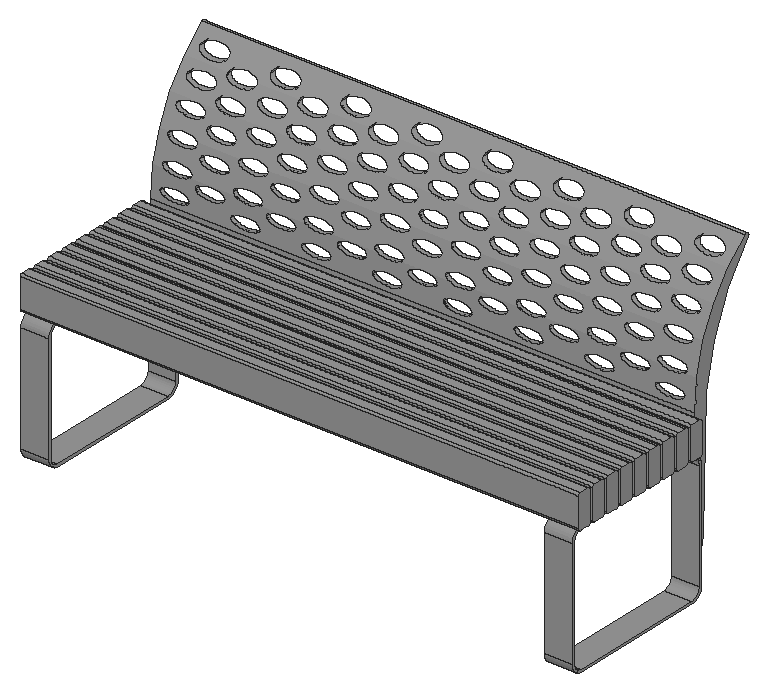
Revit family "Скамейка стальная «Галактика» Арт 14201", category Антураж, Revit 2018
Family settings
  На основе рабочей плоскости = Нет
  Всегда вертикально = Да
  При загрузке вырезать с полостями = Нет
  Источник визуального образа = Геометрия семейства
  Общий = Нет
  Точка расчета площади = Нет
Parameters (values of type "Скамейка стальная «Галактика»")
  Ширина = 610 mm  # constant formula
  Цвет лавки = Дерево
  Цвек опор = Сталь
  Описание = "Скамейка стальная «Галактика»"  # constant formula
  Материал изделия = "Сталь, дерево"  # constant formula
  Изображение типоразмера = Скамейка стальная «Галактика» Арт 14201.jpg
  Изготовитель = "ООО «Хоббика"  # constant formula
  Длина = 1500 mm  # constant formula
  Группа модели = "Садовые скамейки"  # constant formula
  Высота = 800 mm  # constant formula
  Артикул товара = "Арт 14201"  # constant formula
  URL = "https://hobbyka.ru/product/skameyka_galaktika/"
Reference planes
  plane 1 "По центру (Вперед/Назад)": y = 0
  plane 2: z = 0
  plane 3 "По центру (Влево/Вправо)": x = 0
  plane 4: x = 1500
  plane 5: y = 610
  plane 6: z = 800
Forms (mm)
  Extrusion 1, solid, material "Сталь" <- "Цвек опор"
    sketch origin (0, 0, 0) x (0, 1, 0) y (0, 0, 1)
      loop
        line (402.144, 350) -> (30, 350)
        arc (30, 350) -> (8.787, 341.213) -> (0, 320) r 30
        line (0, 320) -> (0, 30)
        arc (0, 30) -> (8.787, 8.787) -> (30, 0) r 30
        line (30, 0) -> (402.144, 0)
        arc (402.144, 0) -> (423.357, 8.787) -> (432.144, 30) r 30
        line (432.144, 30) -> (432.144, 320)
        arc (432.144, 320) -> (423.357, 341.213) -> (402.144, 350) r 30
      loop
        line (402.144, 345) -> (30, 345)
        arc (30, 345) -> (12.322, 337.678) -> (5, 320) r 25
        line (5, 320) -> (5, 30)
        arc (5, 30) -> (12.322, 12.322) -> (30, 5) r 25
        line (30, 5) -> (402.144, 5)
        arc (402.144, 5) -> (419.822, 12.322) -> (427.144, 30) r 25
        line (427.144, 30) -> (427.144, 320)
        arc (427.144, 320) -> (419.822, 337.678) -> (402.144, 345) r 25
    from 10 to 85
  Extrusion 2, solid, material "Сталь" <- "Цвек опор"
    sketch origin (0, 0, 0) x (0, 1, 0) y (0, 0, 1)
      loop
        line (402.144, 350) -> (30, 350)
        arc (30, 350) -> (8.787, 341.213) -> (0, 320) r 30
        line (0, 320) -> (0, 30)
        arc (0, 30) -> (8.787, 8.787) -> (30, 0) r 30
        line (30, 0) -> (402.144, 0)
        arc (402.144, 0) -> (423.357, 8.787) -> (432.144, 30) r 30
        line (432.144, 30) -> (432.144, 320)
        arc (432.144, 320) -> (423.357, 341.213) -> (402.144, 350) r 30
      loop
        line (402.144, 345) -> (30, 345)
        arc (30, 345) -> (12.322, 337.678) -> (5, 320) r 25
        line (5, 320) -> (5, 30)
        arc (5, 30) -> (12.322, 12.322) -> (30, 5) r 25
        line (30, 5) -> (402.144, 5)
        arc (402.144, 5) -> (419.822, 12.322) -> (427.144, 30) r 25
        line (427.144, 30) -> (427.144, 320)
        arc (427.144, 320) -> (419.822, 337.678) -> (402.144, 345) r 25
    from 1415 to 1490
  Extrusion 3, solid, material "Дерево" <- "Цвет лавки"
    sketch origin (0, 0, 0) x (0, 1, 0) y (0, 0, 1)
      loop
        arc (390, 440) -> (386.464, 438.536) -> (385, 435) r 5
        line (385, 435) -> (385, 355)
        arc (385, 355) -> (386.464, 351.464) -> (390, 350) r 5
        line (390, 350) -> (415, 350)
        arc (415, 350) -> (418.536, 351.464) -> (420, 355) r 5
        line (420, 355) -> (420, 435)
        arc (420, 435) -> (418.536, 438.536) -> (415, 440) r 5
        line (415, 440) -> (390, 440)
    from 0 to 1500
  Extrusion 4, solid, material "Дерево" <- "Цвет лавки"
    sketch origin (0, -375, 0) x (0, 1, 0) y (0, 0, 1)
      loop
        arc (390, 440) -> (386.464, 438.536) -> (385, 435) r 5
        line (385, 435) -> (385, 355)
        arc (385, 355) -> (386.464, 351.464) -> (390, 350) r 5
        line (390, 350) -> (415, 350)
        arc (415, 350) -> (418.536, 351.464) -> (420, 355) r 5
        line (420, 355) -> (420, 435)
        arc (420, 435) -> (418.536, 438.536) -> (415, 440) r 5
        line (415, 440) -> (390, 440)
    from 0 to 1500
  Extrusion 5, solid, material "Дерево" <- "Цвет лавки"
    sketch origin (0, -46.875, 0) x (0, 1, 0) y (0, 0, 1)
      loop
        arc (390, 440) -> (386.464, 438.536) -> (385, 435) r 5
        line (385, 435) -> (385, 355)
        arc (385, 355) -> (386.464, 351.464) -> (390, 350) r 5
        line (390, 350) -> (415, 350)
        arc (415, 350) -> (418.536, 351.464) -> (420, 355) r 5
        line (420, 355) -> (420, 435)
        arc (420, 435) -> (418.536, 438.536) -> (415, 440) r 5
        line (415, 440) -> (390, 440)
    from 0 to 1500
  Extrusion 6, solid, material "Дерево" <- "Цвет лавки"
    sketch origin (0, -93.75, 0) x (0, 1, 0) y (0, 0, 1)
      loop
        arc (390, 440) -> (386.464, 438.536) -> (385, 435) r 5
        line (385, 435) -> (385, 355)
        arc (385, 355) -> (386.464, 351.464) -> (390, 350) r 5
        line (390, 350) -> (415, 350)
        arc (415, 350) -> (418.536, 351.464) -> (420, 355) r 5
        line (420, 355) -> (420, 435)
        arc (420, 435) -> (418.536, 438.536) -> (415, 440) r 5
        line (415, 440) -> (390, 440)
    from 0 to 1500
  Extrusion 7, solid, material "Дерево" <- "Цвет лавки"
    sketch origin (0, -140.625, 0) x (0, 1, 0) y (0, 0, 1)
      loop
        arc (390, 440) -> (386.464, 438.536) -> (385, 435) r 5
        line (385, 435) -> (385, 355)
        arc (385, 355) -> (386.464, 351.464) -> (390, 350) r 5
        line (390, 350) -> (415, 350)
        arc (415, 350) -> (418.536, 351.464) -> (420, 355) r 5
        line (420, 355) -> (420, 435)
        arc (420, 435) -> (418.536, 438.536) -> (415, 440) r 5
        line (415, 440) -> (390, 440)
    from 0 to 1500
  Extrusion 8, solid, material "Дерево" <- "Цвет лавки"
    sketch origin (0, -187.5, 0) x (0, 1, 0) y (0, 0, 1)
      loop
        arc (390, 440) -> (386.464, 438.536) -> (385, 435) r 5
        line (385, 435) -> (385, 355)
        arc (385, 355) -> (386.464, 351.464) -> (390, 350) r 5
        line (390, 350) -> (415, 350)
        arc (415, 350) -> (418.536, 351.464) -> (420, 355) r 5
        line (420, 355) -> (420, 435)
        arc (420, 435) -> (418.536, 438.536) -> (415, 440) r 5
        line (415, 440) -> (390, 440)
    from 0 to 1500
  Extrusion 9, solid, material "Дерево" <- "Цвет лавки"
    sketch origin (0, -234.375, 0) x (0, 1, 0) y (0, 0, 1)
      loop
        arc (390, 440) -> (386.464, 438.536) -> (385, 435) r 5
        line (385, 435) -> (385, 355)
        arc (385, 355) -> (386.464, 351.464) -> (390, 350) r 5
        line (390, 350) -> (415, 350)
        arc (415, 350) -> (418.536, 351.464) -> (420, 355) r 5
        line (420, 355) -> (420, 435)
        arc (420, 435) -> (418.536, 438.536) -> (415, 440) r 5
        line (415, 440) -> (390, 440)
    from 0 to 1500
  Extrusion 10, solid, material "Дерево" <- "Цвет лавки"
    sketch origin (0, -281.25, 0) x (0, 1, 0) y (0, 0, 1)
      loop
        arc (390, 440) -> (386.464, 438.536) -> (385, 435) r 5
        line (385, 435) -> (385, 355)
        arc (385, 355) -> (386.464, 351.464) -> (390, 350) r 5
        line (390, 350) -> (415, 350)
        arc (415, 350) -> (418.536, 351.464) -> (420, 355) r 5
        line (420, 355) -> (420, 435)
        arc (420, 435) -> (418.536, 438.536) -> (415, 440) r 5
        line (415, 440) -> (390, 440)
    from 0 to 1500
  Extrusion 11, solid, material "Дерево" <- "Цвет лавки"
    sketch origin (0, -328.125, 0) x (0, 1, 0) y (0, 0, 1)
      loop
        arc (390, 440) -> (386.464, 438.536) -> (385, 435) r 5
        line (385, 435) -> (385, 355)
        arc (385, 355) -> (386.464, 351.464) -> (390, 350) r 5
        line (390, 350) -> (415, 350)
        arc (415, 350) -> (418.536, 351.464) -> (420, 355) r 5
        line (420, 355) -> (420, 435)
        arc (420, 435) -> (418.536, 438.536) -> (415, 440) r 5
        line (415, 440) -> (390, 440)
    from 0 to 1500
  Extrusion 12, solid, material "Сталь" <- "Цвек опор"
    sketch origin (0, -5.466, 0) x (0, 1, 0) y (0, 0, 1)
      loop
        arc (600, 800) -> (473.014, 643.62) -> (427.61, 447.358) r 446.878
        line (427.61, 447.358) -> (427.61, 350) -> (437.61, 350) -> (437.61, 447.358)
        arc (437.61, 447.358) -> (481.998, 639.228) -> (606.142, 792.109) r 436.878
        arc (606.142, 792.109) -> (607.017, 799.126) -> (600, 800) r 5
    from 20 to 1480
  Extrusion 13, solid, material "Сталь" <- "Цвек опор"
    sketch origin (0, 0, 0) x (0, 1, 0) y (0, 0, 1)
      loop
        arc (600.676, 792.109) -> (476.532, 639.228) -> (432.144, 447.358) r 436.878
        line (432.144, 447.358) -> (432.144, 82.415)
        arc (432.144, 82.415) -> (443.642, 111.605) -> (448.279, 142.633) r 138.567
        line (448.279, 142.633) -> (459.971, 477.428)
        arc (459.971, 477.428) -> (507.951, 644.772) -> (600.676, 792.109) r 618.3
    from 20 to 25
  Extrusion 14, solid, material "Сталь" <- "Цвек опор"
    sketch origin (0, 0, 0) x (0, 1, 0) y (0, 0, 1)
      loop
        arc (600.676, 792.109) -> (476.532, 639.228) -> (432.144, 447.358) r 436.878
        line (432.144, 447.358) -> (432.144, 82.415)
        arc (432.144, 82.415) -> (443.642, 111.605) -> (448.279, 142.633) r 138.567
        line (448.279, 142.633) -> (459.971, 477.428)
        arc (459.971, 477.428) -> (507.951, 644.772) -> (600.676, 792.109) r 618.3
    from 1475 to 1480
  Extrusion 15, void
    sketch origin (0, 0, 0) x (1, 0, 0) y (0, 0, 1)
      loop
        spline (45, 477.642) -> (46.363, 473.759) -> (50.359, 470.142) -> (56.716, 467.035) -> (65, 464.651) -> (74.647, 463.153) -> (85, 462.642) -> (95.353, 463.153) -> (105, 464.651) -> (113.284, 467.035) -> (119.641, 470.142) -> (123.637, 473.759) -> (125, 477.642)
        spline (125, 477.642) -> (123.637, 481.524) -> (119.641, 485.142) -> (113.284, 488.248) -> (105, 490.632) -> (95.353, 492.131) -> (85, 492.642) -> (74.647, 492.131) -> (65, 490.632) -> (56.716, 488.248) -> (50.359, 485.142) -> (46.363, 481.524) -> (45, 477.642)
      loop
        spline (45, 537.642) -> (46.363, 533.759) -> (50.359, 530.142) -> (56.716, 527.035) -> (65, 524.651) -> (74.647, 523.153) -> (85, 522.642) -> (95.353, 523.153) -> (105, 524.651) -> (113.284, 527.035) -> (119.641, 530.142) -> (123.637, 533.759) -> (125, 537.642)
        spline (125, 537.642) -> (123.637, 541.524) -> (119.641, 545.142) -> (113.284, 548.248) -> (105, 550.632) -> (95.353, 552.131) -> (85, 552.642) -> (74.647, 552.131) -> (65, 550.632) -> (56.716, 548.248) -> (50.359, 545.142) -> (46.363, 541.524) -> (45, 537.642)
      loop
        spline (45, 602.642) -> (46.363, 598.759) -> (50.359, 595.142) -> (56.716, 592.035) -> (65, 589.651) -> (74.647, 588.153) -> (85, 587.642) -> (95.353, 588.153) -> (105, 589.651) -> (113.284, 592.035) -> (119.641, 595.142) -> (123.637, 598.759) -> (125, 602.642)
        spline (125, 602.642) -> (123.637, 606.524) -> (119.641, 610.142) -> (113.284, 613.248) -> (105, 615.632) -> (95.353, 617.131) -> (85, 617.642) -> (74.647, 617.131) -> (65, 615.632) -> (56.716, 613.248) -> (50.359, 610.142) -> (46.363, 606.524) -> (45, 602.642)
      loop
        spline (45, 662.642) -> (46.363, 658.759) -> (50.359, 655.142) -> (56.716, 652.035) -> (65, 649.651) -> (74.647, 648.153) -> (85, 647.642) -> (95.353, 648.153) -> (105, 649.651) -> (113.284, 652.035) -> (119.641, 655.142) -> (123.637, 658.759) -> (125, 662.642)
        spline (125, 662.642) -> (123.637, 666.524) -> (119.641, 670.142) -> (113.284, 673.248) -> (105, 675.632) -> (95.353, 677.131) -> (85, 677.642) -> (74.647, 677.131) -> (65, 675.632) -> (56.716, 673.248) -> (50.359, 670.142) -> (46.363, 666.524) -> (45, 662.642)
      loop
        spline (45, 717.642) -> (46.363, 713.759) -> (50.359, 710.142) -> (56.716, 707.035) -> (65, 704.651) -> (74.647, 703.153) -> (85, 702.642) -> (95.353, 703.153) -> (105, 704.651) -> (113.284, 707.035) -> (119.641, 710.142) -> (123.637, 713.759) -> (125, 717.642)
        spline (125, 717.642) -> (123.637, 721.524) -> (119.641, 725.142) -> (113.284, 728.248) -> (105, 730.632) -> (95.353, 732.131) -> (85, 732.642) -> (74.647, 732.131) -> (65, 730.632) -> (56.716, 728.248) -> (50.359, 725.142) -> (46.363, 721.524) -> (45, 717.642)
      loop
        spline (45, 767.642) -> (46.363, 763.759) -> (50.359, 760.142) -> (56.716, 757.035) -> (65, 754.651) -> (74.647, 753.153) -> (85, 752.642) -> (95.353, 753.153) -> (105, 754.651) -> (113.284, 757.035) -> (119.641, 760.142) -> (123.637, 763.759) -> (125, 767.642)
        spline (125, 767.642) -> (123.637, 771.524) -> (119.641, 775.142) -> (113.284, 778.248) -> (105, 780.632) -> (95.353, 782.131) -> (85, 782.642) -> (74.647, 782.131) -> (65, 780.632) -> (56.716, 778.248) -> (50.359, 775.142) -> (46.363, 771.524) -> (45, 767.642)
      loop
        spline (137.5, 512.642) -> (138.863, 508.759) -> (142.859, 505.142) -> (149.216, 502.035) -> (157.5, 499.651) -> (167.147, 498.153) -> (177.5, 497.642) -> (187.853, 498.153) -> (197.5, 499.651) -> (205.784, 502.035) -> (212.141, 505.142) -> (216.137, 508.759) -> (217.5, 512.642)
        spline (217.5, 512.642) -> (216.137, 516.524) -> (212.141, 520.142) -> (205.784, 523.248) -> (197.5, 525.632) -> (187.853, 527.131) -> (177.5, 527.642) -> (167.147, 527.131) -> (157.5, 525.632) -> (149.216, 523.248) -> (142.859, 520.142) -> (138.863, 516.524) -> (137.5, 512.642)
      loop
        spline (137.5, 577.642) -> (138.863, 573.759) -> (142.859, 570.142) -> (149.216, 567.035) -> (157.5, 564.651) -> (167.147, 563.153) -> (177.5, 562.642) -> (187.853, 563.153) -> (197.5, 564.651) -> (205.784, 567.035) -> (212.141, 570.142) -> (216.137, 573.759) -> (217.5, 577.642)
        spline (217.5, 577.642) -> (216.137, 581.524) -> (212.141, 585.142) -> (205.784, 588.248) -> (197.5, 590.632) -> (187.853, 592.131) -> (177.5, 592.642) -> (167.147, 592.131) -> (157.5, 590.632) -> (149.216, 588.248) -> (142.859, 585.142) -> (138.863, 581.524) -> (137.5, 577.642)
      loop
        spline (137.5, 637.642) -> (138.863, 633.759) -> (142.859, 630.142) -> (149.216, 627.035) -> (157.5, 624.651) -> (167.147, 623.153) -> (177.5, 622.642) -> (187.853, 623.153) -> (197.5, 624.651) -> (205.784, 627.035) -> (212.141, 630.142) -> (216.137, 633.759) -> (217.5, 637.642)
        spline (217.5, 637.642) -> (216.137, 641.524) -> (212.141, 645.142) -> (205.784, 648.248) -> (197.5, 650.632) -> (187.853, 652.131) -> (177.5, 652.642) -> (167.147, 652.131) -> (157.5, 650.632) -> (149.216, 648.248) -> (142.859, 645.142) -> (138.863, 641.524) -> (137.5, 637.642)
      loop
        spline (137.5, 692.642) -> (138.863, 688.759) -> (142.859, 685.142) -> (149.216, 682.035) -> (157.5, 679.651) -> (167.147, 678.153) -> (177.5, 677.642) -> (187.853, 678.153) -> (197.5, 679.651) -> (205.784, 682.035) -> (212.141, 685.142) -> (216.137, 688.759) -> (217.5, 692.642)
        spline (217.5, 692.642) -> (216.137, 696.524) -> (212.141, 700.142) -> (205.784, 703.248) -> (197.5, 705.632) -> (187.853, 707.131) -> (177.5, 707.642) -> (167.147, 707.131) -> (157.5, 705.632) -> (149.216, 703.248) -> (142.859, 700.142) -> (138.863, 696.524) -> (137.5, 692.642)
      loop
        spline (137.5, 742.642) -> (138.863, 738.759) -> (142.859, 735.142) -> (149.216, 732.035) -> (157.5, 729.651) -> (167.147, 728.153) -> (177.5, 727.642) -> (187.853, 728.153) -> (197.5, 729.651) -> (205.784, 732.035) -> (212.141, 735.142) -> (216.137, 738.759) -> (217.5, 742.642)
        spline (217.5, 742.642) -> (216.137, 746.524) -> (212.141, 750.142) -> (205.784, 753.248) -> (197.5, 755.632) -> (187.853, 757.131) -> (177.5, 757.642) -> (167.147, 757.131) -> (157.5, 755.632) -> (149.216, 753.248) -> (142.859, 750.142) -> (138.863, 746.524) -> (137.5, 742.642)
      loop
        spline (235, 477.642) -> (236.363, 473.759) -> (240.359, 470.142) -> (246.716, 467.035) -> (255, 464.651) -> (264.647, 463.153) -> (275, 462.642) -> (285.353, 463.153) -> (295, 464.651) -> (303.284, 467.035) -> (309.641, 470.142) -> (313.637, 473.759) -> (315, 477.642)
        spline (315, 477.642) -> (313.637, 481.524) -> (309.641, 485.142) -> (303.284, 488.248) -> (295, 490.632) -> (285.353, 492.131) -> (275, 492.642) -> (264.647, 492.131) -> (255, 490.632) -> (246.716, 488.248) -> (240.359, 485.142) -> (236.363, 481.524) -> (235, 477.642)
      loop
        spline (235, 537.642) -> (236.363, 533.759) -> (240.359, 530.142) -> (246.716, 527.035) -> (255, 524.651) -> (264.647, 523.153) -> (275, 522.642) -> (285.353, 523.153) -> (295, 524.651) -> (303.284, 527.035) -> (309.641, 530.142) -> (313.637, 533.759) -> (315, 537.642)
        spline (315, 537.642) -> (313.637, 541.524) -> (309.641, 545.142) -> (303.284, 548.248) -> (295, 550.632) -> (285.353, 552.131) -> (275, 552.642) -> (264.647, 552.131) -> (255, 550.632) -> (246.716, 548.248) -> (240.359, 545.142) -> (236.363, 541.524) -> (235, 537.642)
      loop
        spline (235, 602.642) -> (236.363, 598.759) -> (240.359, 595.142) -> (246.716, 592.035) -> (255, 589.651) -> (264.647, 588.153) -> (275, 587.642) -> (285.353, 588.153) -> (295, 589.651) -> (303.284, 592.035) -> (309.641, 595.142) -> (313.637, 598.759) -> (315, 602.642)
        spline (315, 602.642) -> (313.637, 606.524) -> (309.641, 610.142) -> (303.284, 613.248) -> (295, 615.632) -> (285.353, 617.131) -> (275, 617.642) -> (264.647, 617.131) -> (255, 615.632) -> (246.716, 613.248) -> (240.359, 610.142) -> (236.363, 606.524) -> (235, 602.642)
      loop
        spline (235, 662.642) -> (236.363, 658.759) -> (240.359, 655.142) -> (246.716, 652.035) -> (255, 649.651) -> (264.647, 648.153) -> (275, 647.642) -> (285.353, 648.153) -> (295, 649.651) -> (303.284, 652.035) -> (309.641, 655.142) -> (313.637, 658.759) -> (315, 662.642)
        spline (315, 662.642) -> (313.637, 666.524) -> (309.641, 670.142) -> (303.284, 673.248) -> (295, 675.632) -> (285.353, 677.131) -> (275, 677.642) -> (264.647, 677.131) -> (255, 675.632) -> (246.716, 673.248) -> (240.359, 670.142) -> (236.363, 666.524) -> (235, 662.642)
      loop
        spline (235, 717.642) -> (236.363, 713.759) -> (240.359, 710.142) -> (246.716, 707.035) -> (255, 704.651) -> (264.647, 703.153) -> (275, 702.642) -> (285.353, 703.153) -> (295, 704.651) -> (303.284, 707.035) -> (309.641, 710.142) -> (313.637, 713.759) -> (315, 717.642)
        spline (315, 717.642) -> (313.637, 721.524) -> (309.641, 725.142) -> (303.284, 728.248) -> (295, 730.632) -> (285.353, 732.131) -> (275, 732.642) -> (264.647, 732.131) -> (255, 730.632) -> (246.716, 728.248) -> (240.359, 725.142) -> (236.363, 721.524) -> (235, 717.642)
      loop
        spline (235, 767.642) -> (236.363, 763.759) -> (240.359, 760.142) -> (246.716, 757.035) -> (255, 754.651) -> (264.647, 753.153) -> (275, 752.642) -> (285.353, 753.153) -> (295, 754.651) -> (303.284, 757.035) -> (309.641, 760.142) -> (313.637, 763.759) -> (315, 767.642)
        spline (315, 767.642) -> (313.637, 771.524) -> (309.641, 775.142) -> (303.284, 778.248) -> (295, 780.632) -> (285.353, 782.131) -> (275, 782.642) -> (264.647, 782.131) -> (255, 780.632) -> (246.716, 778.248) -> (240.359, 775.142) -> (236.363, 771.524) -> (235, 767.642)
      loop
        spline (327.5, 512.642) -> (328.863, 508.759) -> (332.859, 505.142) -> (339.216, 502.035) -> (347.5, 499.651) -> (357.147, 498.153) -> (367.5, 497.642) -> (377.853, 498.153) -> (387.5, 499.651) -> (395.784, 502.035) -> (402.141, 505.142) -> (406.137, 508.759) -> (407.5, 512.642)
        spline (407.5, 512.642) -> (406.137, 516.524) -> (402.141, 520.142) -> (395.784, 523.248) -> (387.5, 525.632) -> (377.853, 527.131) -> (367.5, 527.642) -> (357.147, 527.131) -> (347.5, 525.632) -> (339.216, 523.248) -> (332.859, 520.142) -> (328.863, 516.524) -> (327.5, 512.642)
      loop
        spline (327.5, 577.642) -> (328.863, 573.759) -> (332.859, 570.142) -> (339.216, 567.035) -> (347.5, 564.651) -> (357.147, 563.153) -> (367.5, 562.642) -> (377.853, 563.153) -> (387.5, 564.651) -> (395.784, 567.035) -> (402.141, 570.142) -> (406.137, 573.759) -> (407.5, 577.642)
        spline (407.5, 577.642) -> (406.137, 581.524) -> (402.141, 585.142) -> (395.784, 588.248) -> (387.5, 590.632) -> (377.853, 592.131) -> (367.5, 592.642) -> (357.147, 592.131) -> (347.5, 590.632) -> (339.216, 588.248) -> (332.859, 585.142) -> (328.863, 581.524) -> (327.5, 577.642)
      loop
        spline (327.5, 637.642) -> (328.863, 633.759) -> (332.859, 630.142) -> (339.216, 627.035) -> (347.5, 624.651) -> (357.147, 623.153) -> (367.5, 622.642) -> (377.853, 623.153) -> (387.5, 624.651) -> (395.784, 627.035) -> (402.141, 630.142) -> (406.137, 633.759) -> (407.5, 637.642)
        spline (407.5, 637.642) -> (406.137, 641.524) -> (402.141, 645.142) -> (395.784, 648.248) -> (387.5, 650.632) -> (377.853, 652.131) -> (367.5, 652.642) -> (357.147, 652.131) -> (347.5, 650.632) -> (339.216, 648.248) -> (332.859, 645.142) -> (328.863, 641.524) -> (327.5, 637.642)
      loop
        spline (327.5, 692.642) -> (328.863, 688.759) -> (332.859, 685.142) -> (339.216, 682.035) -> (347.5, 679.651) -> (357.147, 678.153) -> (367.5, 677.642) -> (377.853, 678.153) -> (387.5, 679.651) -> (395.784, 682.035) -> (402.141, 685.142) -> (406.137, 688.759) -> (407.5, 692.642)
        spline (407.5, 692.642) -> (406.137, 696.524) -> (402.141, 700.142) -> (395.784, 703.248) -> (387.5, 705.632) -> (377.853, 707.131) -> (367.5, 707.642) -> (357.147, 707.131) -> (347.5, 705.632) -> (339.216, 703.248) -> (332.859, 700.142) -> (328.863, 696.524) -> (327.5, 692.642)
      loop
        spline (327.5, 742.642) -> (328.863, 738.759) -> (332.859, 735.142) -> (339.216, 732.035) -> (347.5, 729.651) -> (357.147, 728.153) -> (367.5, 727.642) -> (377.853, 728.153) -> (387.5, 729.651) -> (395.784, 732.035) -> (402.141, 735.142) -> (406.137, 738.759) -> (407.5, 742.642)
        spline (407.5, 742.642) -> (406.137, 746.524) -> (402.141, 750.142) -> (395.784, 753.248) -> (387.5, 755.632) -> (377.853, 757.131) -> (367.5, 757.642) -> (357.147, 757.131) -> (347.5, 755.632) -> (339.216, 753.248) -> (332.859, 750.142) -> (328.863, 746.524) -> (327.5, 742.642)
      loop
        spline (425, 477.642) -> (426.363, 473.759) -> (430.359, 470.142) -> (436.716, 467.035) -> (445, 464.651) -> (454.647, 463.153) -> (465, 462.642) -> (475.353, 463.153) -> (485, 464.651) -> (493.284, 467.035) -> (499.641, 470.142) -> (503.637, 473.759) -> (505, 477.642)
        spline (505, 477.642) -> (503.637, 481.524) -> (499.641, 485.142) -> (493.284, 488.248) -> (485, 490.632) -> (475.353, 492.131) -> (465, 492.642) -> (454.647, 492.131) -> (445, 490.632) -> (436.716, 488.248) -> (430.359, 485.142) -> (426.363, 481.524) -> (425, 477.642)
      loop
        spline (425, 537.642) -> (426.363, 533.759) -> (430.359, 530.142) -> (436.716, 527.035) -> (445, 524.651) -> (454.647, 523.153) -> (465, 522.642) -> (475.353, 523.153) -> (485, 524.651) -> (493.284, 527.035) -> (499.641, 530.142) -> (503.637, 533.759) -> (505, 537.642)
        spline (505, 537.642) -> (503.637, 541.524) -> (499.641, 545.142) -> (493.284, 548.248) -> (485, 550.632) -> (475.353, 552.131) -> (465, 552.642) -> (454.647, 552.131) -> (445, 550.632) -> (436.716, 548.248) -> (430.359, 545.142) -> (426.363, 541.524) -> (425, 537.642)
      loop
        spline (425, 602.642) -> (426.363, 598.759) -> (430.359, 595.142) -> (436.716, 592.035) -> (445, 589.651) -> (454.647, 588.153) -> (465, 587.642) -> (475.353, 588.153) -> (485, 589.651) -> (493.284, 592.035) -> (499.641, 595.142) -> (503.637, 598.759) -> (505, 602.642)
        spline (505, 602.642) -> (503.637, 606.524) -> (499.641, 610.142) -> (493.284, 613.248) -> (485, 615.632) -> (475.353, 617.131) -> (465, 617.642) -> (454.647, 617.131) -> (445, 615.632) -> (436.716, 613.248) -> (430.359, 610.142) -> (426.363, 606.524) -> (425, 602.642)
      loop
        spline (425, 662.642) -> (426.363, 658.759) -> (430.359, 655.142) -> (436.716, 652.035) -> (445, 649.651) -> (454.647, 648.153) -> (465, 647.642) -> (475.353, 648.153) -> (485, 649.651) -> (493.284, 652.035) -> (499.641, 655.142) -> (503.637, 658.759) -> (505, 662.642)
        spline (505, 662.642) -> (503.637, 666.524) -> (499.641, 670.142) -> (493.284, 673.248) -> (485, 675.632) -> (475.353, 677.131) -> (465, 677.642) -> (454.647, 677.131) -> (445, 675.632) -> (436.716, 673.248) -> (430.359, 670.142) -> (426.363, 666.524) -> (425, 662.642)
      loop
        spline (425, 717.642) -> (426.363, 713.759) -> (430.359, 710.142) -> (436.716, 707.035) -> (445, 704.651) -> (454.647, 703.153) -> (465, 702.642) -> (475.353, 703.153) -> (485, 704.651) -> (493.284, 707.035) -> (499.641, 710.142) -> (503.637, 713.759) -> (505, 717.642)
        spline (505, 717.642) -> (503.637, 721.524) -> (499.641, 725.142) -> (493.284, 728.248) -> (485, 730.632) -> (475.353, 732.131) -> (465, 732.642) -> (454.647, 732.131) -> (445, 730.632) -> (436.716, 728.248) -> (430.359, 725.142) -> (426.363, 721.524) -> (425, 717.642)
      loop
        spline (425, 767.642) -> (426.363, 763.759) -> (430.359, 760.142) -> (436.716, 757.035) -> (445, 754.651) -> (454.647, 753.153) -> (465, 752.642) -> (475.353, 753.153) -> (485, 754.651) -> (493.284, 757.035) -> (499.641, 760.142) -> (503.637, 763.759) -> (505, 767.642)
        spline (505, 767.642) -> (503.637, 771.524) -> (499.641, 775.142) -> (493.284, 778.248) -> (485, 780.632) -> (475.353, 782.131) -> (465, 782.642) -> (454.647, 782.131) -> (445, 780.632) -> (436.716, 778.248) -> (430.359, 775.142) -> (426.363, 771.524) -> (425, 767.642)
      loop
        spline (517.5, 512.642) -> (518.863, 508.759) -> (522.859, 505.142) -> (529.216, 502.035) -> (537.5, 499.651) -> (547.147, 498.153) -> (557.5, 497.642) -> (567.853, 498.153) -> (577.5, 499.651) -> (585.784, 502.035) -> (592.141, 505.142) -> (596.137, 508.759) -> (597.5, 512.642)
        spline (597.5, 512.642) -> (596.137, 516.524) -> (592.141, 520.142) -> (585.784, 523.248) -> (577.5, 525.632) -> (567.853, 527.131) -> (557.5, 527.642) -> (547.147, 527.131) -> (537.5, 525.632) -> (529.216, 523.248) -> (522.859, 520.142) -> (518.863, 516.524) -> (517.5, 512.642)
      loop
        spline (517.5, 577.642) -> (518.863, 573.759) -> (522.859, 570.142) -> (529.216, 567.035) -> (537.5, 564.651) -> (547.147, 563.153) -> (557.5, 562.642) -> (567.853, 563.153) -> (577.5, 564.651) -> (585.784, 567.035) -> (592.141, 570.142) -> (596.137, 573.759) -> (597.5, 577.642)
        spline (597.5, 577.642) -> (596.137, 581.524) -> (592.141, 585.142) -> (585.784, 588.248) -> (577.5, 590.632) -> (567.853, 592.131) -> (557.5, 592.642) -> (547.147, 592.131) -> (537.5, 590.632) -> (529.216, 588.248) -> (522.859, 585.142) -> (518.863, 581.524) -> (517.5, 577.642)
      loop
        spline (517.5, 637.642) -> (518.863, 633.759) -> (522.859, 630.142) -> (529.216, 627.035) -> (537.5, 624.651) -> (547.147, 623.153) -> (557.5, 622.642) -> (567.853, 623.153) -> (577.5, 624.651) -> (585.784, 627.035) -> (592.141, 630.142) -> (596.137, 633.759) -> (597.5, 637.642)
        spline (597.5, 637.642) -> (596.137, 641.524) -> (592.141, 645.142) -> (585.784, 648.248) -> (577.5, 650.632) -> (567.853, 652.131) -> (557.5, 652.642) -> (547.147, 652.131) -> (537.5, 650.632) -> (529.216, 648.248) -> (522.859, 645.142) -> (518.863, 641.524) -> (517.5, 637.642)
      loop
        spline (517.5, 692.642) -> (518.863, 688.759) -> (522.859, 685.142) -> (529.216, 682.035) -> (537.5, 679.651) -> (547.147, 678.153) -> (557.5, 677.642) -> (567.853, 678.153) -> (577.5, 679.651) -> (585.784, 682.035) -> (592.141, 685.142) -> (596.137, 688.759) -> (597.5, 692.642)
        spline (597.5, 692.642) -> (596.137, 696.524) -> (592.141, 700.142) -> (585.784, 703.248) -> (577.5, 705.632) -> (567.853, 707.131) -> (557.5, 707.642) -> (547.147, 707.131) -> (537.5, 705.632) -> (529.216, 703.248) -> (522.859, 700.142) -> (518.863, 696.524) -> (517.5, 692.642)
      loop
        spline (517.5, 742.642) -> (518.863, 738.759) -> (522.859, 735.142) -> (529.216, 732.035) -> (537.5, 729.651) -> (547.147, 728.153) -> (557.5, 727.642) -> (567.853, 728.153) -> (577.5, 729.651) -> (585.784, 732.035) -> (592.141, 735.142) -> (596.137, 738.759) -> (597.5, 742.642)
        spline (597.5, 742.642) -> (596.137, 746.524) -> (592.141, 750.142) -> (585.784, 753.248) -> (577.5, 755.632) -> (567.853, 757.131) -> (557.5, 757.642) -> (547.147, 757.131) -> (537.5, 755.632) -> (529.216, 753.248) -> (522.859, 750.142) -> (518.863, 746.524) -> (517.5, 742.642)
      loop
        spline (615, 477.642) -> (616.363, 473.759) -> (620.359, 470.142) -> (626.716, 467.035) -> (635, 464.651) -> (644.647, 463.153) -> (655, 462.642) -> (665.353, 463.153) -> (675, 464.651) -> (683.284, 467.035) -> (689.641, 470.142) -> (693.637, 473.759) -> (695, 477.642)
        spline (695, 477.642) -> (693.637, 481.524) -> (689.641, 485.142) -> (683.284, 488.248) -> (675, 490.632) -> (665.353, 492.131) -> (655, 492.642) -> (644.647, 492.131) -> (635, 490.632) -> (626.716, 488.248) -> (620.359, 485.142) -> (616.363, 481.524) -> (615, 477.642)
      loop
        spline (615, 537.642) -> (616.363, 533.759) -> (620.359, 530.142) -> (626.716, 527.035) -> (635, 524.651) -> (644.647, 523.153) -> (655, 522.642) -> (665.353, 523.153) -> (675, 524.651) -> (683.284, 527.035) -> (689.641, 530.142) -> (693.637, 533.759) -> (695, 537.642)
        spline (695, 537.642) -> (693.637, 541.524) -> (689.641, 545.142) -> (683.284, 548.248) -> (675, 550.632) -> (665.353, 552.131) -> (655, 552.642) -> (644.647, 552.131) -> (635, 550.632) -> (626.716, 548.248) -> (620.359, 545.142) -> (616.363, 541.524) -> (615, 537.642)
      loop
        spline (615, 602.642) -> (616.363, 598.759) -> (620.359, 595.142) -> (626.716, 592.035) -> (635, 589.651) -> (644.647, 588.153) -> (655, 587.642) -> (665.353, 588.153) -> (675, 589.651) -> (683.284, 592.035) -> (689.641, 595.142) -> (693.637, 598.759) -> (695, 602.642)
        spline (695, 602.642) -> (693.637, 606.524) -> (689.641, 610.142) -> (683.284, 613.248) -> (675, 615.632) -> (665.353, 617.131) -> (655, 617.642) -> (644.647, 617.131) -> (635, 615.632) -> (626.716, 613.248) -> (620.359, 610.142) -> (616.363, 606.524) -> (615, 602.642)
      loop
        spline (615, 662.642) -> (616.363, 658.759) -> (620.359, 655.142) -> (626.716, 652.035) -> (635, 649.651) -> (644.647, 648.153) -> (655, 647.642) -> (665.353, 648.153) -> (675, 649.651) -> (683.284, 652.035) -> (689.641, 655.142) -> (693.637, 658.759) -> (695, 662.642)
        spline (695, 662.642) -> (693.637, 666.524) -> (689.641, 670.142) -> (683.284, 673.248) -> (675, 675.632) -> (665.353, 677.131) -> (655, 677.642) -> (644.647, 677.131) -> (635, 675.632) -> (626.716, 673.248) -> (620.359, 670.142) -> (616.363, 666.524) -> (615, 662.642)
      loop
        spline (615, 717.642) -> (616.363, 713.759) -> (620.359, 710.142) -> (626.716, 707.035) -> (635, 704.651) -> (644.647, 703.153) -> (655, 702.642) -> (665.353, 703.153) -> (675, 704.651) -> (683.284, 707.035) -> (689.641, 710.142) -> (693.637, 713.759) -> (695, 717.642)
        spline (695, 717.642) -> (693.637, 721.524) -> (689.641, 725.142) -> (683.284, 728.248) -> (675, 730.632) -> (665.353, 732.131) -> (655, 732.642) -> (644.647, 732.131) -> (635, 730.632) -> (626.716, 728.248) -> (620.359, 725.142) -> (616.363, 721.524) -> (615, 717.642)
      loop
        spline (615, 767.642) -> (616.363, 763.759) -> (620.359, 760.142) -> (626.716, 757.035) -> (635, 754.651) -> (644.647, 753.153) -> (655, 752.642) -> (665.353, 753.153) -> (675, 754.651) -> (683.284, 757.035) -> (689.641, 760.142) -> (693.637, 763.759) -> (695, 767.642)
        spline (695, 767.642) -> (693.637, 771.524) -> (689.641, 775.142) -> (683.284, 778.248) -> (675, 780.632) -> (665.353, 782.131) -> (655, 782.642) -> (644.647, 782.131) -> (635, 780.632) -> (626.716, 778.248) -> (620.359, 775.142) -> (616.363, 771.524) -> (615, 767.642)
      loop
        spline (707.5, 512.642) -> (708.863, 508.759) -> (712.859, 505.142) -> (719.216, 502.035) -> (727.5, 499.651) -> (737.147, 498.153) -> (747.5, 497.642) -> (757.853, 498.153) -> (767.5, 499.651) -> (775.784, 502.035) -> (782.141, 505.142) -> (786.137, 508.759) -> (787.5, 512.642)
        spline (787.5, 512.642) -> (786.137, 516.524) -> (782.141, 520.142) -> (775.784, 523.248) -> (767.5, 525.632) -> (757.853, 527.131) -> (747.5, 527.642) -> (737.147, 527.131) -> (727.5, 525.632) -> (719.216, 523.248) -> (712.859, 520.142) -> (708.863, 516.524) -> (707.5, 512.642)
      loop
        spline (707.5, 577.642) -> (708.863, 573.759) -> (712.859, 570.142) -> (719.216, 567.035) -> (727.5, 564.651) -> (737.147, 563.153) -> (747.5, 562.642) -> (757.853, 563.153) -> (767.5, 564.651) -> (775.784, 567.035) -> (782.141, 570.142) -> (786.137, 573.759) -> (787.5, 577.642)
        spline (787.5, 577.642) -> (786.137, 581.524) -> (782.141, 585.142) -> (775.784, 588.248) -> (767.5, 590.632) -> (757.853, 592.131) -> (747.5, 592.642) -> (737.147, 592.131) -> (727.5, 590.632) -> (719.216, 588.248) -> (712.859, 585.142) -> (708.863, 581.524) -> (707.5, 577.642)
      loop
        spline (707.5, 637.642) -> (708.863, 633.759) -> (712.859, 630.142) -> (719.216, 627.035) -> (727.5, 624.651) -> (737.147, 623.153) -> (747.5, 622.642) -> (757.853, 623.153) -> (767.5, 624.651) -> (775.784, 627.035) -> (782.141, 630.142) -> (786.137, 633.759) -> (787.5, 637.642)
        spline (787.5, 637.642) -> (786.137, 641.524) -> (782.141, 645.142) -> (775.784, 648.248) -> (767.5, 650.632) -> (757.853, 652.131) -> (747.5, 652.642) -> (737.147, 652.131) -> (727.5, 650.632) -> (719.216, 648.248) -> (712.859, 645.142) -> (708.863, 641.524) -> (707.5, 637.642)
      loop
        spline (707.5, 692.642) -> (708.863, 688.759) -> (712.859, 685.142) -> (719.216, 682.035) -> (727.5, 679.651) -> (737.147, 678.153) -> (747.5, 677.642) -> (757.853, 678.153) -> (767.5, 679.651) -> (775.784, 682.035) -> (782.141, 685.142) -> (786.137, 688.759) -> (787.5, 692.642)
        spline (787.5, 692.642) -> (786.137, 696.524) -> (782.141, 700.142) -> (775.784, 703.248) -> (767.5, 705.632) -> (757.853, 707.131) -> (747.5, 707.642) -> (737.147, 707.131) -> (727.5, 705.632) -> (719.216, 703.248) -> (712.859, 700.142) -> (708.863, 696.524) -> (707.5, 692.642)
      loop
        spline (707.5, 742.642) -> (708.863, 738.759) -> (712.859, 735.142) -> (719.216, 732.035) -> (727.5, 729.651) -> (737.147, 728.153) -> (747.5, 727.642) -> (757.853, 728.153) -> (767.5, 729.651) -> (775.784, 732.035) -> (782.141, 735.142) -> (786.137, 738.759) -> (787.5, 742.642)
        spline (787.5, 742.642) -> (786.137, 746.524) -> (782.141, 750.142) -> (775.784, 753.248) -> (767.5, 755.632) -> (757.853, 757.131) -> (747.5, 757.642) -> (737.147, 757.131) -> (727.5, 755.632) -> (719.216, 753.248) -> (712.859, 750.142) -> (708.863, 746.524) -> (707.5, 742.642)
      loop
        spline (805, 477.642) -> (806.363, 473.759) -> (810.359, 470.142) -> (816.716, 467.035) -> (825, 464.651) -> (834.647, 463.153) -> (845, 462.642) -> (855.353, 463.153) -> (865, 464.651) -> (873.284, 467.035) -> (879.641, 470.142) -> (883.637, 473.759) -> (885, 477.642)
        spline (885, 477.642) -> (883.637, 481.524) -> (879.641, 485.142) -> (873.284, 488.248) -> (865, 490.632) -> (855.353, 492.131) -> (845, 492.642) -> (834.647, 492.131) -> (825, 490.632) -> (816.716, 488.248) -> (810.359, 485.142) -> (806.363, 481.524) -> (805, 477.642)
      loop
        spline (805, 537.642) -> (806.363, 533.759) -> (810.359, 530.142) -> (816.716, 527.035) -> (825, 524.651) -> (834.647, 523.153) -> (845, 522.642) -> (855.353, 523.153) -> (865, 524.651) -> (873.284, 527.035) -> (879.641, 530.142) -> (883.637, 533.759) -> (885, 537.642)
        spline (885, 537.642) -> (883.637, 541.524) -> (879.641, 545.142) -> (873.284, 548.248) -> (865, 550.632) -> (855.353, 552.131) -> (845, 552.642) -> (834.647, 552.131) -> (825, 550.632) -> (816.716, 548.248) -> (810.359, 545.142) -> (806.363, 541.524) -> (805, 537.642)
      loop
        spline (805, 602.642) -> (806.363, 598.759) -> (810.359, 595.142) -> (816.716, 592.035) -> (825, 589.651) -> (834.647, 588.153) -> (845, 587.642) -> (855.353, 588.153) -> (865, 589.651) -> (873.284, 592.035) -> (879.641, 595.142) -> (883.637, 598.759) -> (885, 602.642)
        spline (885, 602.642) -> (883.637, 606.524) -> (879.641, 610.142) -> (873.284, 613.248) -> (865, 615.632) -> (855.353, 617.131) -> (845, 617.642) -> (834.647, 617.131) -> (825, 615.632) -> (816.716, 613.248) -> (810.359, 610.142) -> (806.363, 606.524) -> (805, 602.642)
      loop
        spline (805, 662.642) -> (806.363, 658.759) -> (810.359, 655.142) -> (816.716, 652.035) -> (825, 649.651) -> (834.647, 648.153) -> (845, 647.642) -> (855.353, 648.153) -> (865, 649.651) -> (873.284, 652.035) -> (879.641, 655.142) -> (883.637, 658.759) -> (885, 662.642)
        spline (885, 662.642) -> (883.637, 666.524) -> (879.641, 670.142) -> (873.284, 673.248) -> (865, 675.632) -> (855.353, 677.131) -> (845, 677.642) -> (834.647, 677.131) -> (825, 675.632) -> (816.716, 673.248) -> (810.359, 670.142) -> (806.363, 666.524) -> (805, 662.642)
      loop
        spline (805, 717.642) -> (806.363, 713.759) -> (810.359, 710.142) -> (816.716, 707.035) -> (825, 704.651) -> (834.647, 703.153) -> (845, 702.642) -> (855.353, 703.153) -> (865, 704.651) -> (873.284, 707.035) -> (879.641, 710.142) -> (883.637, 713.759) -> (885, 717.642)
        spline (885, 717.642) -> (883.637, 721.524) -> (879.641, 725.142) -> (873.284, 728.248) -> (865, 730.632) -> (855.353, 732.131) -> (845, 732.642) -> (834.647, 732.131) -> (825, 730.632) -> (816.716, 728.248) -> (810.359, 725.142) -> (806.363, 721.524) -> (805, 717.642)
      loop
        spline (805, 767.642) -> (806.363, 763.759) -> (810.359, 760.142) -> (816.716, 757.035) -> (825, 754.651) -> (834.647, 753.153) -> (845, 752.642) -> (855.353, 753.153) -> (865, 754.651) -> (873.284, 757.035) -> (879.641, 760.142) -> (883.637, 763.759) -> (885, 767.642)
        spline (885, 767.642) -> (883.637, 771.524) -> (879.641, 775.142) -> (873.284, 778.248) -> (865, 780.632) -> (855.353, 782.131) -> (845, 782.642) -> (834.647, 782.131) -> (825, 780.632) -> (816.716, 778.248) -> (810.359, 775.142) -> (806.363, 771.524) -> (805, 767.642)
      loop
        spline (897.5, 512.642) -> (898.863, 508.759) -> (902.859, 505.142) -> (909.216, 502.035) -> (917.5, 499.651) -> (927.147, 498.153) -> (937.5, 497.642) -> (947.853, 498.153) -> (957.5, 499.651) -> (965.784, 502.035) -> (972.141, 505.142) -> (976.137, 508.759) -> (977.5, 512.642)
        spline (977.5, 512.642) -> (976.137, 516.524) -> (972.141, 520.142) -> (965.784, 523.248) -> (957.5, 525.632) -> (947.853, 527.131) -> (937.5, 527.642) -> (927.147, 527.131) -> (917.5, 525.632) -> (909.216, 523.248) -> (902.859, 520.142) -> (898.863, 516.524) -> (897.5, 512.642)
      loop
        spline (897.5, 577.642) -> (898.863, 573.759) -> (902.859, 570.142) -> (909.216, 567.035) -> (917.5, 564.651) -> (927.147, 563.153) -> (937.5, 562.642) -> (947.853, 563.153) -> (957.5, 564.651) -> (965.784, 567.035) -> (972.141, 570.142) -> (976.137, 573.759) -> (977.5, 577.642)
        spline (977.5, 577.642) -> (976.137, 581.524) -> (972.141, 585.142) -> (965.784, 588.248) -> (957.5, 590.632) -> (947.853, 592.131) -> (937.5, 592.642) -> (927.147, 592.131) -> (917.5, 590.632) -> (909.216, 588.248) -> (902.859, 585.142) -> (898.863, 581.524) -> (897.5, 577.642)
      loop
        spline (897.5, 637.642) -> (898.863, 633.759) -> (902.859, 630.142) -> (909.216, 627.035) -> (917.5, 624.651) -> (927.147, 623.153) -> (937.5, 622.642) -> (947.853, 623.153) -> (957.5, 624.651) -> (965.784, 627.035) -> (972.141, 630.142) -> (976.137, 633.759) -> (977.5, 637.642)
        spline (977.5, 637.642) -> (976.137, 641.524) -> (972.141, 645.142) -> (965.784, 648.248) -> (957.5, 650.632) -> (947.853, 652.131) -> (937.5, 652.642) -> (927.147, 652.131) -> (917.5, 650.632) -> (909.216, 648.248) -> (902.859, 645.142) -> (898.863, 641.524) -> (897.5, 637.642)
      loop
        spline (897.5, 692.642) -> (898.863, 688.759) -> (902.859, 685.142) -> (909.216, 682.035) -> (917.5, 679.651) -> (927.147, 678.153) -> (937.5, 677.642) -> (947.853, 678.153) -> (957.5, 679.651) -> (965.784, 682.035) -> (972.141, 685.142) -> (976.137, 688.759) -> (977.5, 692.642)
        spline (977.5, 692.642) -> (976.137, 696.524) -> (972.141, 700.142) -> (965.784, 703.248) -> (957.5, 705.632) -> (947.853, 707.131) -> (937.5, 707.642) -> (927.147, 707.131) -> (917.5, 705.632) -> (909.216, 703.248) -> (902.859, 700.142) -> (898.863, 696.524) -> (897.5, 692.642)
      loop
        spline (897.5, 742.642) -> (898.863, 738.759) -> (902.859, 735.142) -> (909.216, 732.035) -> (917.5, 729.651) -> (927.147, 728.153) -> (937.5, 727.642) -> (947.853, 728.153) -> (957.5, 729.651) -> (965.784, 732.035) -> (972.141, 735.142) -> (976.137, 738.759) -> (977.5, 742.642)
        spline (977.5, 742.642) -> (976.137, 746.524) -> (972.141, 750.142) -> (965.784, 753.248) -> (957.5, 755.632) -> (947.853, 757.131) -> (937.5, 757.642) -> (927.147, 757.131) -> (917.5, 755.632) -> (909.216, 753.248) -> (902.859, 750.142) -> (898.863, 746.524) -> (897.5, 742.642)
      loop
        spline (995, 477.642) -> (996.363, 473.759) -> (1000.359, 470.142) -> (1006.716, 467.035) -> (1015, 464.651) -> (1024.647, 463.153) -> (1035, 462.642) -> (1045.353, 463.153) -> (1055, 464.651) -> (1063.284, 467.035) -> (1069.641, 470.142) -> (1073.637, 473.759) -> (1075, 477.642)
        spline (1075, 477.642) -> (1073.637, 481.524) -> (1069.641, 485.142) -> (1063.284, 488.248) -> (1055, 490.632) -> (1045.353, 492.131) -> (1035, 492.642) -> (1024.647, 492.131) -> (1015, 490.632) -> (1006.716, 488.248) -> (1000.359, 485.142) -> (996.363, 481.524) -> (995, 477.642)
      loop
        spline (995, 537.642) -> (996.363, 533.759) -> (1000.359, 530.142) -> (1006.716, 527.035) -> (1015, 524.651) -> (1024.647, 523.153) -> (1035, 522.642) -> (1045.353, 523.153) -> (1055, 524.651) -> (1063.284, 527.035) -> (1069.641, 530.142) -> (1073.637, 533.759) -> (1075, 537.642)
        spline (1075, 537.642) -> (1073.637, 541.524) -> (1069.641, 545.142) -> (1063.284, 548.248) -> (1055, 550.632) -> (1045.353, 552.131) -> (1035, 552.642) -> (1024.647, 552.131) -> (1015, 550.632) -> (1006.716, 548.248) -> (1000.359, 545.142) -> (996.363, 541.524) -> (995, 537.642)
      loop
        spline (995, 602.642) -> (996.363, 598.759) -> (1000.359, 595.142) -> (1006.716, 592.035) -> (1015, 589.651) -> (1024.647, 588.153) -> (1035, 587.642) -> (1045.353, 588.153) -> (1055, 589.651) -> (1063.284, 592.035) -> (1069.641, 595.142) -> (1073.637, 598.759) -> (1075, 602.642)
        spline (1075, 602.642) -> (1073.637, 606.524) -> (1069.641, 610.142) -> (1063.284, 613.248) -> (1055, 615.632) -> (1045.353, 617.131) -> (1035, 617.642) -> (1024.647, 617.131) -> (1015, 615.632) -> (1006.716, 613.248) -> (1000.359, 610.142) -> (996.363, 606.524) -> (995, 602.642)
      loop
        spline (995, 662.642) -> (996.363, 658.759) -> (1000.359, 655.142) -> (1006.716, 652.035) -> (1015, 649.651) -> (1024.647, 648.153) -> (1035, 647.642) -> (1045.353, 648.153) -> (1055, 649.651) -> (1063.284, 652.035) -> (1069.641, 655.142) -> (1073.637, 658.759) -> (1075, 662.642)
        spline (1075, 662.642) -> (1073.637, 666.524) -> (1069.641, 670.142) -> (1063.284, 673.248) -> (1055, 675.632) -> (1045.353, 677.131) -> (1035, 677.642) -> (1024.647, 677.131) -> (1015, 675.632) -> (1006.716, 673.248) -> (1000.359, 670.142) -> (996.363, 666.524) -> (995, 662.642)
      loop
        spline (995, 717.642) -> (996.363, 713.759) -> (1000.359, 710.142) -> (1006.716, 707.035) -> (1015, 704.651) -> (1024.647, 703.153) -> (1035, 702.642) -> (1045.353, 703.153) -> (1055, 704.651) -> (1063.284, 707.035) -> (1069.641, 710.142) -> (1073.637, 713.759) -> (1075, 717.642)
        spline (1075, 717.642) -> (1073.637, 721.524) -> (1069.641, 725.142) -> (1063.284, 728.248) -> (1055, 730.632) -> (1045.353, 732.131) -> (1035, 732.642) -> (1024.647, 732.131) -> (1015, 730.632) -> (1006.716, 728.248) -> (1000.359, 725.142) -> (996.363, 721.524) -> (995, 717.642)
      loop
        spline (995, 767.642) -> (996.363, 763.759) -> (1000.359, 760.142) -> (1006.716, 757.035) -> (1015, 754.651) -> (1024.647, 753.153) -> (1035, 752.642) -> (1045.353, 753.153) -> (1055, 754.651) -> (1063.284, 757.035) -> (1069.641, 760.142) -> (1073.637, 763.759) -> (1075, 767.642)
        spline (1075, 767.642) -> (1073.637, 771.524) -> (1069.641, 775.142) -> (1063.284, 778.248) -> (1055, 780.632) -> (1045.353, 782.131) -> (1035, 782.642) -> (1024.647, 782.131) -> (1015, 780.632) -> (1006.716, 778.248) -> (1000.359, 775.142) -> (996.363, 771.524) -> (995, 767.642)
      loop
        spline (1087.5, 512.642) -> (1088.863, 508.759) -> (1092.859, 505.142) -> (1099.216, 502.035) -> (1107.5, 499.651) -> (1117.147, 498.153) -> (1127.5, 497.642) -> (1137.853, 498.153) -> (1147.5, 499.651) -> (1155.784, 502.035) -> (1162.141, 505.142) -> (1166.137, 508.759) -> (1167.5, 512.642)
        spline (1167.5, 512.642) -> (1166.137, 516.524) -> (1162.141, 520.142) -> (1155.784, 523.248) -> (1147.5, 525.632) -> (1137.853, 527.131) -> (1127.5, 527.642) -> (1117.147, 527.131) -> (1107.5, 525.632) -> (1099.216, 523.248) -> (1092.859, 520.142) -> (1088.863, 516.524) -> (1087.5, 512.642)
      loop
        spline (1087.5, 577.642) -> (1088.863, 573.759) -> (1092.859, 570.142) -> (1099.216, 567.035) -> (1107.5, 564.651) -> (1117.147, 563.153) -> (1127.5, 562.642) -> (1137.853, 563.153) -> (1147.5, 564.651) -> (1155.784, 567.035) -> (1162.141, 570.142) -> (1166.137, 573.759) -> (1167.5, 577.642)
        spline (1167.5, 577.642) -> (1166.137, 581.524) -> (1162.141, 585.142) -> (1155.784, 588.248) -> (1147.5, 590.632) -> (1137.853, 592.131) -> (1127.5, 592.642) -> (1117.147, 592.131) -> (1107.5, 590.632) -> (1099.216, 588.248) -> (1092.859, 585.142) -> (1088.863, 581.524) -> (1087.5, 577.642)
      loop
        spline (1087.5, 637.642) -> (1088.863, 633.759) -> (1092.859, 630.142) -> (1099.216, 627.035) -> (1107.5, 624.651) -> (1117.147, 623.153) -> (1127.5, 622.642) -> (1137.853, 623.153) -> (1147.5, 624.651) -> (1155.784, 627.035) -> (1162.141, 630.142) -> (1166.137, 633.759) -> (1167.5, 637.642)
        spline (1167.5, 637.642) -> (1166.137, 641.524) -> (1162.141, 645.142) -> (1155.784, 648.248) -> (1147.5, 650.632) -> (1137.853, 652.131) -> (1127.5, 652.642) -> (1117.147, 652.131) -> (1107.5, 650.632) -> (1099.216, 648.248) -> (1092.859, 645.142) -> (1088.863, 641.524) -> (1087.5, 637.642)
      loop
        spline (1087.5, 692.642) -> (1088.863, 688.759) -> (1092.859, 685.142) -> (1099.216, 682.035) -> (1107.5, 679.651) -> (1117.147, 678.153) -> (1127.5, 677.642) -> (1137.853, 678.153) -> (1147.5, 679.651) -> (1155.784, 682.035) -> (1162.141, 685.142) -> (1166.137, 688.759) -> (1167.5, 692.642)
        spline (1167.5, 692.642) -> (1166.137, 696.524) -> (1162.141, 700.142) -> (1155.784, 703.248) -> (1147.5, 705.632) -> (1137.853, 707.131) -> (1127.5, 707.642) -> (1117.147, 707.131) -> (1107.5, 705.632) -> (1099.216, 703.248) -> (1092.859, 700.142) -> (1088.863, 696.524) -> (1087.5, 692.642)
      loop
        spline (1087.5, 742.642) -> (1088.863, 738.759) -> (1092.859, 735.142) -> (1099.216, 732.035) -> (1107.5, 729.651) -> (1117.147, 728.153) -> (1127.5, 727.642) -> (1137.853, 728.153) -> (1147.5, 729.651) -> (1155.784, 732.035) -> (1162.141, 735.142) -> (1166.137, 738.759) -> (1167.5, 742.642)
        spline (1167.5, 742.642) -> (1166.137, 746.524) -> (1162.141, 750.142) -> (1155.784, 753.248) -> (1147.5, 755.632) -> (1137.853, 757.131) -> (1127.5, 757.642) -> (1117.147, 757.131) -> (1107.5, 755.632) -> (1099.216, 753.248) -> (1092.859, 750.142) -> (1088.863, 746.524) -> (1087.5, 742.642)
      loop
        spline (1185, 477.642) -> (1186.363, 473.759) -> (1190.359, 470.142) -> (1196.716, 467.035) -> (1205, 464.651) -> (1214.647, 463.153) -> (1225, 462.642) -> (1235.353, 463.153) -> (1245, 464.651) -> (1253.284, 467.035) -> (1259.641, 470.142) -> (1263.637, 473.759) -> (1265, 477.642)
        spline (1265, 477.642) -> (1263.637, 481.524) -> (1259.641, 485.142) -> (1253.284, 488.248) -> (1245, 490.632) -> (1235.353, 492.131) -> (1225, 492.642) -> (1214.647, 492.131) -> (1205, 490.632) -> (1196.716, 488.248) -> (1190.359, 485.142) -> (1186.363, 481.524) -> (1185, 477.642)
      loop
        spline (1185, 537.642) -> (1186.363, 533.759) -> (1190.359, 530.142) -> (1196.716, 527.035) -> (1205, 524.651) -> (1214.647, 523.153) -> (1225, 522.642) -> (1235.353, 523.153) -> (1245, 524.651) -> (1253.284, 527.035) -> (1259.641, 530.142) -> (1263.637, 533.759) -> (1265, 537.642)
        spline (1265, 537.642) -> (1263.637, 541.524) -> (1259.641, 545.142) -> (1253.284, 548.248) -> (1245, 550.632) -> (1235.353, 552.131) -> (1225, 552.642) -> (1214.647, 552.131) -> (1205, 550.632) -> (1196.716, 548.248) -> (1190.359, 545.142) -> (1186.363, 541.524) -> (1185, 537.642)
      loop
        spline (1185, 602.642) -> (1186.363, 598.759) -> (1190.359, 595.142) -> (1196.716, 592.035) -> (1205, 589.651) -> (1214.647, 588.153) -> (1225, 587.642) -> (1235.353, 588.153) -> (1245, 589.651) -> (1253.284, 592.035) -> (1259.641, 595.142) -> (1263.637, 598.759) -> (1265, 602.642)
        spline (1265, 602.642) -> (1263.637, 606.524) -> (1259.641, 610.142) -> (1253.284, 613.248) -> (1245, 615.632) -> (1235.353, 617.131) -> (1225, 617.642) -> (1214.647, 617.131) -> (1205, 615.632) -> (1196.716, 613.248) -> (1190.359, 610.142) -> (1186.363, 606.524) -> (1185, 602.642)
      loop
        spline (1185, 662.642) -> (1186.363, 658.759) -> (1190.359, 655.142) -> (1196.716, 652.035) -> (1205, 649.651) -> (1214.647, 648.153) -> (1225, 647.642) -> (1235.353, 648.153) -> (1245, 649.651) -> (1253.284, 652.035) -> (1259.641, 655.142) -> (1263.637, 658.759) -> (1265, 662.642)
        spline (1265, 662.642) -> (1263.637, 666.524) -> (1259.641, 670.142) -> (1253.284, 673.248) -> (1245, 675.632) -> (1235.353, 677.131) -> (1225, 677.642) -> (1214.647, 677.131) -> (1205, 675.632) -> (1196.716, 673.248) -> (1190.359, 670.142) -> (1186.363, 666.524) -> (1185, 662.642)
      loop
        spline (1185, 717.642) -> (1186.363, 713.759) -> (1190.359, 710.142) -> (1196.716, 707.035) -> (1205, 704.651) -> (1214.647, 703.153) -> (1225, 702.642) -> (1235.353, 703.153) -> (1245, 704.651) -> (1253.284, 707.035) -> (1259.641, 710.142) -> (1263.637, 713.759) -> (1265, 717.642)
        spline (1265, 717.642) -> (1263.637, 721.524) -> (1259.641, 725.142) -> (1253.284, 728.248) -> (1245, 730.632) -> (1235.353, 732.131) -> (1225, 732.642) -> (1214.647, 732.131) -> (1205, 730.632) -> (1196.716, 728.248) -> (1190.359, 725.142) -> (1186.363, 721.524) -> (1185, 717.642)
      loop
        spline (1185, 767.642) -> (1186.363, 763.759) -> (1190.359, 760.142) -> (1196.716, 757.035) -> (1205, 754.651) -> (1214.647, 753.153) -> (1225, 752.642) -> (1235.353, 753.153) -> (1245, 754.651) -> (1253.284, 757.035) -> (1259.641, 760.142) -> (1263.637, 763.759) -> (1265, 767.642)
        spline (1265, 767.642) -> (1263.637, 771.524) -> (1259.641, 775.142) -> (1253.284, 778.248) -> (1245, 780.632) -> (1235.353, 782.131) -> (1225, 782.642) -> (1214.647, 782.131) -> (1205, 780.632) -> (1196.716, 778.248) -> (1190.359, 775.142) -> (1186.363, 771.524) -> (1185, 767.642)
      loop
        spline (1277.5, 512.642) -> (1278.863, 508.759) -> (1282.859, 505.142) -> (1289.216, 502.035) -> (1297.5, 499.651) -> (1307.147, 498.153) -> (1317.5, 497.642) -> (1327.853, 498.153) -> (1337.5, 499.651) -> (1345.784, 502.035) -> (1352.141, 505.142) -> (1356.137, 508.759) -> (1357.5, 512.642)
        spline (1357.5, 512.642) -> (1356.137, 516.524) -> (1352.141, 520.142) -> (1345.784, 523.248) -> (1337.5, 525.632) -> (1327.853, 527.131) -> (1317.5, 527.642) -> (1307.147, 527.131) -> (1297.5, 525.632) -> (1289.216, 523.248) -> (1282.859, 520.142) -> (1278.863, 516.524) -> (1277.5, 512.642)
      loop
        spline (1277.5, 577.642) -> (1278.863, 573.759) -> (1282.859, 570.142) -> (1289.216, 567.035) -> (1297.5, 564.651) -> (1307.147, 563.153) -> (1317.5, 562.642) -> (1327.853, 563.153) -> (1337.5, 564.651) -> (1345.784, 567.035) -> (1352.141, 570.142) -> (1356.137, 573.759) -> (1357.5, 577.642)
        spline (1357.5, 577.642) -> (1356.137, 581.524) -> (1352.141, 585.142) -> (1345.784, 588.248) -> (1337.5, 590.632) -> (1327.853, 592.131) -> (1317.5, 592.642) -> (1307.147, 592.131) -> (1297.5, 590.632) -> (1289.216, 588.248) -> (1282.859, 585.142) -> (1278.863, 581.524) -> (1277.5, 577.642)
      loop
        spline (1277.5, 637.642) -> (1278.863, 633.759) -> (1282.859, 630.142) -> (1289.216, 627.035) -> (1297.5, 624.651) -> (1307.147, 623.153) -> (1317.5, 622.642) -> (1327.853, 623.153) -> (1337.5, 624.651) -> (1345.784, 627.035) -> (1352.141, 630.142) -> (1356.137, 633.759) -> (1357.5, 637.642)
        spline (1357.5, 637.642) -> (1356.137, 641.524) -> (1352.141, 645.142) -> (1345.784, 648.248) -> (1337.5, 650.632) -> (1327.853, 652.131) -> (1317.5, 652.642) -> (1307.147, 652.131) -> (1297.5, 650.632) -> (1289.216, 648.248) -> (1282.859, 645.142) -> (1278.863, 641.524) -> (1277.5, 637.642)
      loop
        spline (1277.5, 692.642) -> (1278.863, 688.759) -> (1282.859, 685.142) -> (1289.216, 682.035) -> (1297.5, 679.651) -> (1307.147, 678.153) -> (1317.5, 677.642) -> (1327.853, 678.153) -> (1337.5, 679.651) -> (1345.784, 682.035) -> (1352.141, 685.142) -> (1356.137, 688.759) -> (1357.5, 692.642)
        spline (1357.5, 692.642) -> (1356.137, 696.524) -> (1352.141, 700.142) -> (1345.784, 703.248) -> (1337.5, 705.632) -> (1327.853, 707.131) -> (1317.5, 707.642) -> (1307.147, 707.131) -> (1297.5, 705.632) -> (1289.216, 703.248) -> (1282.859, 700.142) -> (1278.863, 696.524) -> (1277.5, 692.642)
      loop
        spline (1277.5, 742.642) -> (1278.863, 738.759) -> (1282.859, 735.142) -> (1289.216, 732.035) -> (1297.5, 729.651) -> (1307.147, 728.153) -> (1317.5, 727.642) -> (1327.853, 728.153) -> (1337.5, 729.651) -> (1345.784, 732.035) -> (1352.141, 735.142) -> (1356.137, 738.759) -> (1357.5, 742.642)
        spline (1357.5, 742.642) -> (1356.137, 746.524) -> (1352.141, 750.142) -> (1345.784, 753.248) -> (1337.5, 755.632) -> (1327.853, 757.131) -> (1317.5, 757.642) -> (1307.147, 757.131) -> (1297.5, 755.632) -> (1289.216, 753.248) -> (1282.859, 750.142) -> (1278.863, 746.524) -> (1277.5, 742.642)
      loop
        spline (1375, 477.642) -> (1376.363, 473.759) -> (1380.359, 470.142) -> (1386.716, 467.035) -> (1395, 464.651) -> (1404.647, 463.153) -> (1415, 462.642) -> (1425.353, 463.153) -> (1435, 464.651) -> (1443.284, 467.035) -> (1449.641, 470.142) -> (1453.637, 473.759) -> (1455, 477.642)
        spline (1455, 477.642) -> (1453.637, 481.524) -> (1449.641, 485.142) -> (1443.284, 488.248) -> (1435, 490.632) -> (1425.353, 492.131) -> (1415, 492.642) -> (1404.647, 492.131) -> (1395, 490.632) -> (1386.716, 488.248) -> (1380.359, 485.142) -> (1376.363, 481.524) -> (1375, 477.642)
      loop
        spline (1375, 537.642) -> (1376.363, 533.759) -> (1380.359, 530.142) -> (1386.716, 527.035) -> (1395, 524.651) -> (1404.647, 523.153) -> (1415, 522.642) -> (1425.353, 523.153) -> (1435, 524.651) -> (1443.284, 527.035) -> (1449.641, 530.142) -> (1453.637, 533.759) -> (1455, 537.642)
        spline (1455, 537.642) -> (1453.637, 541.524) -> (1449.641, 545.142) -> (1443.284, 548.248) -> (1435, 550.632) -> (1425.353, 552.131) -> (1415, 552.642) -> (1404.647, 552.131) -> (1395, 550.632) -> (1386.716, 548.248) -> (1380.359, 545.142) -> (1376.363, 541.524) -> (1375, 537.642)
      loop
        spline (1375, 602.642) -> (1376.363, 598.759) -> (1380.359, 595.142) -> (1386.716, 592.035) -> (1395, 589.651) -> (1404.647, 588.153) -> (1415, 587.642) -> (1425.353, 588.153) -> (1435, 589.651) -> (1443.284, 592.035) -> (1449.641, 595.142) -> (1453.637, 598.759) -> (1455, 602.642)
        spline (1455, 602.642) -> (1453.637, 606.524) -> (1449.641, 610.142) -> (1443.284, 613.248) -> (1435, 615.632) -> (1425.353, 617.131) -> (1415, 617.642) -> (1404.647, 617.131) -> (1395, 615.632) -> (1386.716, 613.248) -> (1380.359, 610.142) -> (1376.363, 606.524) -> (1375, 602.642)
      loop
        spline (1375, 662.642) -> (1376.363, 658.759) -> (1380.359, 655.142) -> (1386.716, 652.035) -> (1395, 649.651) -> (1404.647, 648.153) -> (1415, 647.642) -> (1425.353, 648.153) -> (1435, 649.651) -> (1443.284, 652.035) -> (1449.641, 655.142) -> (1453.637, 658.759) -> (1455, 662.642)
        spline (1455, 662.642) -> (1453.637, 666.524) -> (1449.641, 670.142) -> (1443.284, 673.248) -> (1435, 675.632) -> (1425.353, 677.131) -> (1415, 677.642) -> (1404.647, 677.131) -> (1395, 675.632) -> (1386.716, 673.248) -> (1380.359, 670.142) -> (1376.363, 666.524) -> (1375, 662.642)
      loop
        spline (1375, 717.642) -> (1376.363, 713.759) -> (1380.359, 710.142) -> (1386.716, 707.035) -> (1395, 704.651) -> (1404.647, 703.153) -> (1415, 702.642) -> (1425.353, 703.153) -> (1435, 704.651) -> (1443.284, 707.035) -> (1449.641, 710.142) -> (1453.637, 713.759) -> (1455, 717.642)
